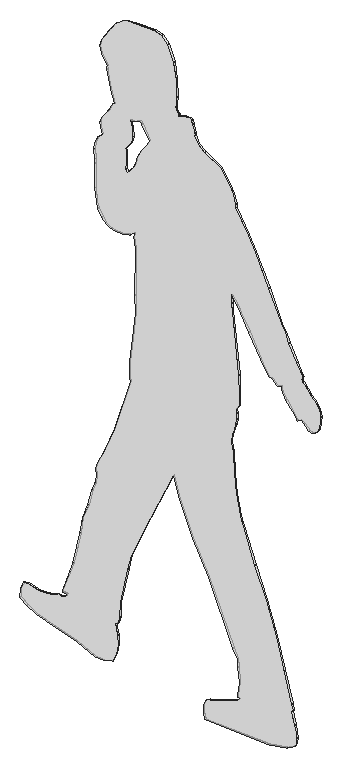
Revit family "Flat Man 14", category Entourage, Revit 2015
Parameters
  Flat Material [instance] = none
  Height = 0 mm
Reference planes
  plane 1 "Center (Front/Back)": y = 0
  plane 2: z = 0
  plane 3 "Center (Left/Right)": x = 0
Forms (mm)
  Extrusion 1, solid, material <- "Flat Material"
    sketch origin (0, 0, 0) x (1, 0, 0) y (0, 0, 1)
      loop
        line (-40.573, 1371.632) -> (-31.298, 1382) -> (-24.058, 1389.952) -> (-18.272, 1402.25) -> (-12.485, 1422.51) -> (-0.912, 1442.76) -> (11.001, 1459.061) -> (22.913, 1475.361) -> (1.271, 1514.141) -> (-1.24, 1518.221) -> (-5.314, 1519.791) -> (-13.47, 1515.402) -> (-22.25, 1511.631) -> (-26.017, 1510.691) -> (-28.519, 1510.061) -> (-32.757, 1513.201) -> (-26.396, 1492.531) -> (-25.867, 1470.261) -> (-27.99, 1459.131) -> (-34.88, 1447.472) -> (-48.66, 1430.511) -> (-45.761, 1429.022) -> (-45.043, 1423.231) -> (-45.043, 1413.832) -> (-45.043, 1395.741) -> (-46.488, 1377.661) -> (-40.573, 1371.632)
      loop
        line (377.153, 1209.85) -> (336.669, 1290.821) -> (316.424, 1329.17) -> (279.063, 1389.53) -> (278.745, 1398.191) -> (271.55, 1422.18) -> (261.95, 1441.37) -> (232.362, 1481.35) -> (187.582, 1504.541) -> (168.391, 1519.732) -> (157.511, 1539.701) -> (158.964, 1542.591) -> (158.237, 1545.49) -> (156.065, 1551.271) -> (151.724, 1566.462) -> (148.835, 1575.871) -> (143.765, 1580.212) -> (129.303, 1579.491) -> (110.49, 1572.981) -> (110.019, 1576.74) -> (108.53, 1578.97) -> (105.806, 1583.921) -> (103.33, 1589.621) -> (102.589, 1592.59) -> (102.589, 1593.58) -> (101.404, 1593.74) -> (103.999, 1600.672) -> (104.867, 1620.611) -> (103.999, 1664.822) -> (95.336, 1709.902) -> (77.998, 1751.511) -> (60.663, 1770.58) -> (39.853, 1774.91) -> (-18.224, 1774.91) -> (-39.893, 1773.18) -> (-56.362, 1767.111) -> (-77.17, 1752.371) -> (-93.639, 1731.571) -> (-117.911, 1696.892) -> (-123.98, 1676.96) -> (-119.647, 1657.89) -> (-107.511, 1638.811) -> (-100.574, 1632.311) -> (-103.804, 1629.261) -> (-102.839, 1622.452) -> (-101.865, 1612.242) -> (-95.539, 1586.46) -> (-90.188, 1562.151) -> (-79.412, 1539.181) -> (-86.831, 1536.531) -> (-90.011, 1530.701) -> (-96.902, 1516.911) -> (-107.501, 1503.66) -> (-119.168, 1490.412) -> (-122.348, 1483.521) -> (-122.876, 1476.091) -> (-121.819, 1462.311) -> (-115.458, 1445.881) -> (-128.956, 1435.532) -> (-138.357, 1416.721) -> (-140.529, 1396.471) -> (-138.357, 1372.591) -> (-138.357, 1360.3) -> (-138.357, 1295.912) -> (-133.298, 1260.471) -> (-128.956, 1243.832) -> (-117.382, 1225.74) -> (-103.637, 1211.271) -> (-91.337, 1204.041) -> (-77.593, 1201.151) -> (-55.89, 1201.151) -> (-34.914, 1205.49) -> (-20.442, 1215.62) -> (-23.26, 1205.431) -> (-21.476, 1193.821) -> (-18.798, 1172.401) -> (-19.692, 1052.761) -> (-18.798, 1007.231) -> (-25.045, 959.021) -> (-35.76, 868.849) -> (-36.652, 825.104) -> (-33.084, 818.853) -> (-79.412, 678.236) -> (-112.407, 604.109) -> (-131.422, 571.207) -> (-136.304, 552.525) -> (-134.45, 533.543) -> (-138.077, 512.356) -> (-146.551, 491.772) -> (-158.348, 448.488) -> (-174.086, 409.138) -> (-182.559, 364.946) -> (-202.821, 277.472) -> (-233.689, 195.744) -> (-233.985, 189.388) -> (-221.272, 188.784) -> (-221.587, 185.32) -> (-222.903, 184.462) -> (-231.424, 180.971) -> (-240.121, 179.827) -> (-246.131, 181.467) -> (-257.916, 176.865) -> (-285.137, 171.904) -> (-301.978, 170.965) -> (-321.157, 174.425) -> (-335.654, 178.82) -> (-348.519, 177.372) -> (-358.907, 155.998) -> (-359.797, 133.436) -> (-339.163, 119.041) -> (-311.405, 103.756) -> (-252.481, 86.992) -> (-190.73, 71.564) -> (-135.962, 52.423) -> (-111.761, 51.09) -> (-86.09, 57.772) -> (-73.768, 81.078) -> (-69.47, 109.724) -> (-69.765, 134.363) -> (-73.484, 152.916) -> (-75.423, 162.624) -> (-68.72, 165.8) -> (-64.493, 183.96) -> (-62.675, 222.097) -> (-40.901, 317.747) -> (-29.775, 360.195) -> (25.84, 478.148) -> (94.501, 614.477) -> (108.671, 564.213) -> (151.206, 468.842) -> (197.604, 381.203) -> (269.778, 217.522) -> (282.666, 193.035) -> (285.238, 173.702) -> (289.11, 135.038) -> (283.956, 97.662) -> (283.956, 92.506) -> (289.11, 91.219) -> (281.669, 85.302) -> (272.912, 81.066) -> (232.523, 67.226) -> (222.067, 63.272) -> (210.209, 60.73) -> (200.881, 59.034) -> (191.561, 54.234) -> (186.195, 45.759) -> (183.65, 37.003) -> (182.241, 27.117) -> (183.086, 17.513) -> (187.334, 0) -> (341.552, 0) -> (379.677, 0.566) -> (430.346, 10.857) -> (447.261, 17.738) -> (454.998, 22.9) -> (459.011, 29.493) -> (459.586, 46.408) -> (457.871, 62.75) -> (453.857, 79.378) -> (444.455, 112.131) -> (448.918, 115.705) -> (445.054, 131.172) -> (398.657, 294.851) -> (370.3, 381.203) -> (335.508, 462.397) -> (301.997, 552.614) -> (291.682, 577.101) -> (290.4, 592.567) -> (281.246, 631.895) -> (277.678, 657.272) -> (274.109, 685.823) -> (272.126, 738.562) -> (268.158, 752.439) -> (265.777, 760.37) -> (266.175, 765.923) -> (268.955, 784.163) -> (274.507, 799.627) -> (279.661, 814.695) -> (282.034, 830.158) -> (282.034, 846.416) -> (281.246, 853.554) -> (280.449, 857.519) -> (282.961, 859.03) -> (289.216, 867.956) -> (290.107, 878.67) -> (290.107, 899.204) -> (288.323, 949.2) -> (269.003, 1111.382) -> (266.892, 1132.221) -> (266.645, 1154.421) -> (282.337, 1132.08) -> (291.925, 1113.972) -> (317.492, 1072.42) -> (364.369, 992.517) -> (378.22, 973.341) -> (386.742, 972.277) -> (398.036, 961.22) -> (402.612, 960.075) -> (409.08, 961.599) -> (414.067, 962.898) -> (414.701, 954.779) -> (416.755, 947.159) -> (427.307, 930.45) -> (454.269, 897.039) -> (458.376, 890.003) -> (459.256, 888.832) -> (461.301, 887.953) -> (465.114, 890.003) -> (468.048, 893.229) -> (472.146, 892.349) -> (480.36, 887.367) -> (495.303, 873.884) -> (499.41, 871.538) -> (503.508, 870.953) -> (513.18, 873.884) -> (520.798, 879.454) -> (524.905, 886.194) -> (529.892, 905.83) -> (530.478, 923.124) -> (529.599, 931.623) -> (526.959, 941.004) -> (516.993, 955.07) -> (502.628, 969.139) -> (495.89, 975.588) -> (490.324, 982.914) -> (485.631, 990.829) -> (476.876, 997.019) -> (476.498, 1000.45) -> (475.535, 1002.42) -> (474.176, 1004.11) -> (475.737, 1006.842) -> (477.297, 1009.562) -> (475.162, 1013.821) -> (470.901, 1022.35) -> (459.186, 1041.521) -> (435.747, 1084.141) -> (425.09, 1110.771) -> (413.374, 1128.881) -> (377.153, 1209.85)
    from -2.5 to 2.5
Lines and regions (mm)
  model lines
    curve 1: line (-150, 0, 0) -> (150, 0, 0)
    curve 2: line (0, -150, 0) -> (0, 150, 0)
Dimensions and locks
  aligned and locked: level to plane 2
